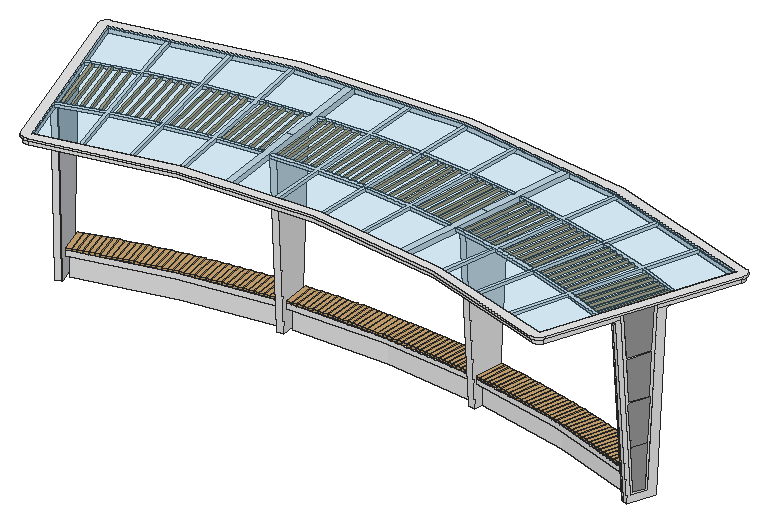
Revit family "L-FUR_퍼걸러_DWP-2007_데오스웍스", category 일반 모델, Revit 2019
Family settings
  보강 철근 호스트 가능 = 아니오
  원형 커넥터 치수 = 지름 사용
  부품 유형 = 보통
  작업 기준면 기반 = 아니오
  항상 수직 = 예
  로드될 때 보이드를 사용하여 절단 = 아니오
  공유 = 아니오
  룸 계산 점 = 아니오
Parameters
  한국산업규격KS = ""
  조달청표준공사코드-세부공종 = "24076852"
  건설정보분류체계-부위분류 = "E94135"
  LIM_INFO_주의사항 = "재배포, 재가공, 판매 금지"
  LIM_INFO_제품업체 = "데오스웍스"
  LIM_INFO_제품번호 = "DWP-2007"
  LIM_INFO_제품명 = "퍼걸러_DWP-2007"
  LIM_INFO_제작일 = "2021.12."
  LIM_INFO_재료 = "Hardwood, Stl pipe"
  LIM_INFO_업체정보 = ""
  LIM_INFO_업체URL = "https://www.deosworks.com"
  LIM_INFO_업체TEL = "02-862-3444"
  LIM_INFO_업체EMAIL = "info@deosworks.com"
  LIM_INFO_버전 = "2022_V01"
  LIM_INFO_기타정보 = ""
  LIM_INFO_규격 = "W1000 x D3000 x H2600"
  LIM_INFO_가격 = 0
  LIM_INFO_PV_포장재여부 = yes
  LIM_INFO_PV_면적 = 0.00 m²
  KBIMS_식별-버전 = ""
  KBIMS_식별-bSK등록번호 = ""
  KBIMS_보급정보-저작자 = "림인포테크_MMJ"
  KBIMS_보급정보-보급코드 = ""
Reference planes
  plane 1 "중심(앞/뒤)": y = 0
  plane 2: z = 0
  plane 3 "중심(왼쪽/오른쪽)": x = 0
Dimensions and locks
  aligned and locked: level to plane 2
Nested families
  nested 1: "DWP-2007_base" at (0, 0, 0), type "DWP-2007_base"
Definition of nested family "DWP-2007_base"
  Reference planes
    plane 1 "중심(앞/뒤)": y = 0
    plane 2: z = 0
    plane 3 "중심(왼쪽/오른쪽)": x = 0
  Forms (mm)
    Extrusion 1, solid, detail levels fine
      sketch origin (-7382.77, -3230.965, 0) x (1, 0, 0) y (0, 1, 0)
        loop
          arc (7483.43, 3212.45) -> (11265.42, 3853.926) -> (15047.411, 3212.45) r 11469.597
          arc (15047.411, 3212.45) -> (15146.497, 3217.964) -> (15212.821, 3291.785) r 130
          line (15212.821, 3291.785) -> (16127.458, 5874.642)
          arc (16127.458, 5874.642) -> (16122.153, 5974.207) -> (16047.882, 6040.73) r 130
          arc (16047.882, 6040.73) -> (11265.42, 6853.926) -> (6482.958, 6040.73) r 14469.597
          arc (6482.958, 6040.73) -> (6408.687, 5974.207) -> (6403.382, 5874.642) r 130
          line (6403.382, 5874.642) -> (7318.02, 3291.785)
          arc (7318.02, 3291.785) -> (7384.344, 3217.964) -> (7483.43, 3212.45) r 130
        loop
          arc (16004.915, 5918.037) -> (11265.42, 6723.926) -> (6525.926, 5918.037) r 14339.597
          line (6525.926, 5918.037) -> (7440.563, 3335.179)
          arc (7440.563, 3335.179) -> (11265.42, 3983.926) -> (15090.277, 3335.179) r 11599.597
          line (15090.277, 3335.179) -> (16004.915, 5918.037)
      from 2570 to 2600
    Extrusion 2, solid, detail levels fine
      sketch origin (-7382.77, -3230.965, 0) x (1, 0, 0) y (0, 1, 0)
        loop
          arc (16037.967, 6012.416) -> (11265.42, 6823.926) -> (6492.874, 6012.416) r 14439.597
          arc (6492.874, 6012.416) -> (6435.742, 5961.245) -> (6431.662, 5884.656) r 100
          line (6431.662, 5884.656) -> (7346.299, 3301.799)
          arc (7346.299, 3301.799) -> (7397.318, 3245.014) -> (7473.538, 3240.772) r 100
          arc (7473.538, 3240.772) -> (11265.42, 3883.926) -> (15057.303, 3240.772) r 11499.597
          arc (15057.303, 3240.772) -> (15133.523, 3245.014) -> (15184.542, 3301.799) r 100
          line (15184.542, 3301.799) -> (16099.179, 5884.656)
          arc (16099.179, 5884.656) -> (16095.098, 5961.245) -> (16037.967, 6012.416) r 100
        loop
          line (6525.926, 5918.037) -> (7440.563, 3335.179)
          arc (7440.563, 3335.179) -> (11265.42, 3983.926) -> (15090.277, 3335.179) r 11599.597
          line (15090.277, 3335.179) -> (16004.915, 5918.037)
          arc (16004.915, 5918.037) -> (11265.42, 6723.926) -> (6525.926, 5918.037) r 14339.597
      from 2500 to 2570
    Extrusion 3, solid, detail levels fine
      sketch origin (3343.38, -16208.526, -3483.23) x (0.112001, 0.993708, 0) y (0, 0, -1)
        loop
          arc (17983.432, -5936.168) -> (17967.819, -5969.609) -> (17933.518, -5983.23) r 50
          line (17933.518, -5983.23) -> (16933.623, -5983.23) -> (16933.623, -6053.23) -> (18350.351, -6053.23) -> (19797.829, -6053.23) -> (19797.829, -5983.23) -> (18722.14, -5983.23)
          arc (18722.14, -5983.23) -> (18687.84, -5969.609) -> (18672.227, -5936.168) r 50
          line (18672.227, -5936.168) -> (18527.823, -3483.23) -> (18127.836, -3483.23) -> (17983.432, -5936.168)
      from 2.137 to 102.128
    Extrusion 4, solid, detail levels fine
      sketch origin (14374.392, 18614.026, -3483.23) x (-0.334043, -0.942558, 0) y (0, 0, 1)
        loop
          line (18722.14, 5983.23) -> (18604.876, 5983.23) -> (18463.589, 3583.23) -> (18252.174, 3583.23) -> (18110.886, 5983.23) -> (17933.518, 5983.23)
          arc (17933.518, 5983.23) -> (17967.819, 5969.609) -> (17983.432, 5936.168) r 50
          line (17983.432, 5936.168) -> (18127.836, 3483.23) -> (18527.823, 3483.23) -> (18672.227, 5936.168)
          arc (18672.227, 5936.168) -> (18687.84, 5969.609) -> (18722.14, 5983.23) r 50
      from 0 to 90
    Extrusion 5, solid, detail levels fine
      sketch origin (14374.392, 18614.026, -3483.23) x (-0.334043, -0.942558, 0) y (0, 0, 1)
        loop
          line (17983.432, 5936.168) -> (18127.836, 3483.23) -> (18527.823, 3483.23) -> (18672.227, 5936.168)
          arc (18672.227, 5936.168) -> (18687.84, 5969.609) -> (18722.14, 5983.23) r 50
          line (18722.14, 5983.23) -> (19673.592, 5983.23) -> (19673.592, 6053.23) -> (18350.351, 6053.23) -> (16933.572, 6053.23) -> (16933.572, 5983.23) -> (17933.518, 5983.23)
          arc (17933.518, 5983.23) -> (17967.819, 5969.609) -> (17983.432, 5936.168) r 50
      from 90 to 100
    Extrusion 6, solid, detail levels fine
      sketch origin (14374.392, 18614.026, -3483.23) x (-0.334043, -0.942558, 0) y (0, 0, 1)
        loop
          line (18252.174, 3583.23) -> (18463.589, 3583.23) -> (18608.997, 6053.23) -> (18578.945, 6053.23) -> (18543.034, 5443.23) -> (18172.728, 5443.23) -> (18136.818, 6053.23) -> (18106.766, 6053.23) -> (18252.174, 3583.23)
        loop
          line (18280.46, 3613.23) -> (18435.303, 3613.23) -> (18470.625, 4213.23) -> (18245.138, 4213.23) -> (18280.46, 3613.23)
        loop
          line (18542.446, 5433.23) -> (18173.317, 5433.23) -> (18208.639, 4833.23) -> (18507.124, 4833.23) -> (18542.446, 5433.23)
        loop
          line (18506.535, 4823.23) -> (18209.227, 4823.23) -> (18244.549, 4223.23) -> (18471.213, 4223.23) -> (18506.535, 4823.23)
      from 90 to 0
    Extrusion 7, solid, detail levels fine
      sketch origin (14374.392, 18614.026, -3483.23) x (-0.334043, -0.942558, 0) y (0, 0, 1)
        loop
          line (18506.535, 4823.23) -> (18209.227, 4823.23) -> (18244.549, 4223.23) -> (18471.213, 4223.23) -> (18506.535, 4823.23)
        loop
          line (18470.625, 4213.23) -> (18245.138, 4213.23) -> (18280.46, 3613.23) -> (18435.303, 3613.23) -> (18470.625, 4213.23)
      from 90 to 0
    Extrusion 8, solid, detail levels fine
      sketch origin (14374.392, 18614.026, -3483.23) x (-0.334043, -0.942558, 0) y (0, 0, 1)
        loop
          line (18578.945, 6053.23) -> (18136.818, 6053.23) -> (18172.728, 5443.23) -> (18543.034, 5443.23) -> (18578.945, 6053.23)
        loop
          line (18542.446, 5433.23) -> (18173.317, 5433.23) -> (18208.639, 4833.23) -> (18507.124, 4833.23) -> (18542.446, 5433.23)
      from 90 to 0
    Extrusion 9, solid, detail levels fine
      sketch origin (4415.46, -16208.526, -3483.23) x (-0.112001, 0.993708, 0) y (0, 0, 1)
        loop
          line (17983.432, 5936.168) -> (18127.836, 3483.23) -> (18527.823, 3483.23) -> (18672.227, 5936.168)
          arc (18672.227, 5936.168) -> (18687.84, 5969.609) -> (18722.14, 5983.23) r 50
          line (18722.14, 5983.23) -> (19797.829, 5983.23) -> (19797.829, 6053.23) -> (18350.351, 6053.23) -> (16918.065, 6053.23) -> (16918.065, 5983.23) -> (17933.518, 5983.23)
          arc (17933.518, 5983.23) -> (17967.819, 5969.609) -> (17983.432, 5936.168) r 50
      from 2.137 to 102.128
    Extrusion 10, solid, detail levels fine
      sketch origin (-6612.35, 18615.161, -3483.23) x (0.334043, -0.942558, 0) y (0, 0, -1)
        loop
          arc (18722.14, -5983.23) -> (18687.84, -5969.609) -> (18672.227, -5936.168) r 50
          line (18672.227, -5936.168) -> (18527.823, -3483.23) -> (18127.836, -3483.23) -> (17983.432, -5936.168)
          arc (17983.432, -5936.168) -> (17967.819, -5969.609) -> (17933.518, -5983.23) r 50
          line (17933.518, -5983.23) -> (18110.886, -5983.23) -> (18252.174, -3583.23) -> (18463.589, -3583.23) -> (18604.876, -5983.23) -> (18722.14, -5983.23)
      from 0 to 90
    Extrusion 11, solid, detail levels fine
      sketch origin (-6612.35, 18615.161, -3483.23) x (0.334043, -0.942558, 0) y (0, 0, -1)
        loop
          arc (17983.432, -5936.168) -> (17967.819, -5969.609) -> (17933.518, -5983.23) r 50
          line (17933.518, -5983.23) -> (16934.65, -5983.23) -> (16934.65, -6053.23) -> (18350.351, -6053.23) -> (19674.67, -6053.23) -> (19674.67, -5983.23) -> (18722.14, -5983.23)
          arc (18722.14, -5983.23) -> (18687.84, -5969.609) -> (18672.227, -5936.168) r 50
          line (18672.227, -5936.168) -> (18527.823, -3483.23) -> (18127.836, -3483.23) -> (17983.432, -5936.168)
      from 90 to 100
    Extrusion 12, solid, detail levels fine
      sketch origin (-6615.552, 18614.026, -3483.23) x (0.334043, -0.942558, 0) y (0, 0, -1)
        loop
          line (18252.174, -3583.23) -> (18106.766, -6053.23) -> (18136.818, -6053.23) -> (18172.728, -5443.23) -> (18543.034, -5443.23) -> (18578.945, -6053.23) -> (18608.997, -6053.23) -> (18463.589, -3583.23) -> (18252.174, -3583.23)
        loop
          line (18280.46, -3613.23) -> (18245.138, -4213.23) -> (18470.625, -4213.23) -> (18435.303, -3613.23) -> (18280.46, -3613.23)
        loop
          line (18542.446, -5433.23) -> (18507.124, -4833.23) -> (18208.639, -4833.23) -> (18173.317, -5433.23) -> (18542.446, -5433.23)
        loop
          line (18506.535, -4823.23) -> (18471.213, -4223.23) -> (18244.549, -4223.23) -> (18209.227, -4823.23) -> (18506.535, -4823.23)
      from 90 to 0
    Extrusion 13, solid, detail levels fine
      sketch origin (-6615.552, 18614.026, -3483.23) x (0.334043, -0.942558, 0) y (0, 0, -1)
        loop
          line (18506.535, -4823.23) -> (18471.213, -4223.23) -> (18244.549, -4223.23) -> (18209.227, -4823.23) -> (18506.535, -4823.23)
        loop
          line (18470.625, -4213.23) -> (18435.303, -3613.23) -> (18280.46, -3613.23) -> (18245.138, -4213.23) -> (18470.625, -4213.23)
      from 90 to 0
    Extrusion 14, solid, detail levels fine
      sketch origin (-6615.552, 18614.026, -3483.23) x (0.334043, -0.942558, 0) y (0, 0, -1)
        loop
          line (18578.945, -6053.23) -> (18543.034, -5443.23) -> (18172.728, -5443.23) -> (18136.818, -6053.23) -> (18578.945, -6053.23)
        loop
          line (18542.446, -5433.23) -> (18507.124, -4833.23) -> (18208.639, -4833.23) -> (18173.317, -5433.23) -> (18542.446, -5433.23)
      from 90 to 0
    Extrusion 15, solid, detail levels fine
      sketch origin (-7382.77, -3230.965, 0) x (1, 0, 0) y (0, 1, 0)
        loop
          line (8685.101, 3693.29) -> (8068.751, 6362.996) -> (8020.033, 6351.748) -> (8636.383, 3682.043) -> (8685.101, 3693.29)
        loop
          line (11245.198, 3983.806) -> (11295.198, 3983.806) -> (11295.198, 6723.736) -> (11245.198, 6723.736) -> (11245.198, 3983.806)
        loop
          line (13894.458, 3682.043) -> (14510.808, 6351.748) -> (14462.089, 6362.996) -> (13845.74, 3693.29) -> (13894.458, 3682.043)
      from 2530 to 2570
    Extrusion 16, solid, detail levels fine
      sketch origin (-7382.77, -3230.965, 0) x (1, 0, 0) y (0, 1, 0)
        loop
          arc (7765.9, 4351.797) -> (7456.056, 4259.725) -> (7150.447, 4154.442) r 7531.302
          line (7150.447, 4154.442) -> (7167.706, 4105.705)
          arc (7167.706, 4105.705) -> (7471.946, 4210.529) -> (7780.413, 4302.169) r 7479.604
          line (7780.413, 4302.169) -> (8009.841, 3517.583) -> (8057.831, 3531.617) -> (7828.057, 4317.385)
          arc (7828.057, 4317.385) -> (8139.847, 4402.819) -> (8453.755, 4480.107) r 12418.265
          line (8453.755, 4480.107) -> (8442.173, 4529.932)
          arc (8442.173, 4529.932) -> (8126.872, 4452.3) -> (7813.7, 4366.483) r 12469.418
          line (7813.7, 4366.483) -> (7532.982, 5326.468)
          arc (7532.982, 5326.468) -> (7873.223, 5419.783) -> (8215.792, 5504.154) r 13469.597
          line (8215.792, 5504.154) -> (8204.472, 5552.856)
          arc (8204.472, 5552.856) -> (7860.541, 5468.148) -> (7518.948, 5374.458) r 13519.597
          line (7518.948, 5374.458) -> (7288.801, 6161.504) -> (7240.811, 6147.47) -> (7470.932, 5360.514)
          arc (7470.932, 5360.514) -> (7133.077, 5259.686) -> (6799.649, 5145.066) r 8582.127
          line (6799.649, 5145.066) -> (6816.34, 5097.933)
          arc (6816.34, 5097.933) -> (7148.392, 5212.272) -> (7484.965, 5312.523) r 8336.048
          line (7484.965, 5312.523) -> (7765.9, 4351.797)
        loop
          line (9320.419, 3819.696) -> (9179.667, 4626.181)
          arc (9179.667, 4626.181) -> (9494.328, 4675.649) -> (9810.154, 4717.03) r 12418.265
          line (9810.154, 4717.03) -> (9804.62, 4763.928)
          arc (9804.62, 4763.928) -> (9487.499, 4722.377) -> (9171.548, 4672.702) r 12465.489
          line (9171.548, 4672.702) -> (8998.914, 5661.866)
          arc (8998.914, 5661.866) -> (9343.097, 5716.048) -> (9688.567, 5761.309) r 13469.597
          line (9688.567, 5761.309) -> (9682.714, 5810.965)
          arc (9682.714, 5810.965) -> (9335.87, 5765.523) -> (8990.318, 5711.122) r 13519.597
          line (8990.318, 5711.122) -> (8849.337, 6518.917) -> (8800.082, 6510.321) -> (8941.046, 5702.617)
          arc (8941.046, 5702.617) -> (8595.89, 5639.463) -> (8253.194, 5564.086) r 9875.451
          line (8253.194, 5564.086) -> (8264.334, 5515.343)
          arc (8264.334, 5515.343) -> (8606.093, 5588.799) -> (8949.643, 5653.361) r 13469.597
          line (8949.643, 5653.361) -> (9121.865, 4666.553)
          arc (9121.865, 4666.553) -> (8804.658, 4608.721) -> (8489.776, 4539.339) r 8823.781
          line (8489.776, 4539.339) -> (8501.728, 4487.57)
          arc (8501.728, 4487.57) -> (8815.205, 4556.65) -> (9131, 4614.212) r 8770.652
          line (9131, 4614.212) -> (9271.163, 3811.1) -> (9320.419, 3819.696)
        loop
          arc (10487.191, 5881.427) -> (10135.533, 5856.616) -> (9784.648, 5822.589) r 13439.092
          line (9784.648, 5822.589) -> (9790.15, 5772.894)
          arc (9790.15, 5772.894) -> (10139.718, 5806.877) -> (10490.069, 5831.51) r 13147.761
          line (10490.069, 5831.51) -> (10547.864, 4829.149)
          arc (10547.864, 4829.149) -> (10225.571, 4806.371) -> (9903.977, 4775.249) r 12465.489
          line (9903.977, 4775.249) -> (9909.135, 4728.307)
          arc (9909.135, 4728.307) -> (10229.511, 4759.312) -> (10550.582, 4782.003) r 12418.265
          line (10550.582, 4782.003) -> (10597.718, 3964.503) -> (10647.635, 3967.382) -> (10600.704, 4781.333)
          arc (10600.704, 4781.333) -> (10922.789, 4796.079) -> (11245.198, 4798.976) r 8770.652
          line (11245.198, 4798.976) -> (11245.198, 4852.107)
          arc (11245.198, 4852.107) -> (10921.259, 4849.186) -> (10597.646, 4834.375) r 8823.781
          line (10597.646, 4834.375) -> (10539.992, 5834.296)
          arc (10539.992, 5834.296) -> (10892.55, 5848.107) -> (11245.332, 5853.83) r 15385.412
          line (11245.332, 5853.83) -> (11245.222, 5903.497)
          arc (11245.222, 5903.497) -> (10891.041, 5898.517) -> (10537.113, 5884.213) r 13451.083
          line (10537.113, 5884.213) -> (10489.911, 6702.859) -> (10439.994, 6699.981) -> (10487.191, 5881.427)
        loop
          line (11942.667, 3964.057) -> (11986.881, 4780.398)
          arc (11986.881, 4780.398) -> (12303.595, 4760.582) -> (12619.184, 4727.351) r 7479.604
          line (12619.184, 4727.351) -> (12624.691, 4778.764)
          arc (12624.691, 4778.764) -> (12307.748, 4812.114) -> (11989.677, 4832.025) r 7531.302
          line (11989.677, 4832.025) -> (12043.801, 5831.335)
          arc (12043.801, 5831.335) -> (12392.61, 5808.821) -> (12740.29, 5772.852) r 9049.224
          line (12740.29, 5772.852) -> (12745.617, 5822.578)
          arc (12745.617, 5822.578) -> (12396.63, 5858.703) -> (12046.505, 5881.263) r 9042.027
          line (12046.505, 5881.263) -> (12090.852, 6700.068) -> (12040.925, 6702.772) -> (11996.583, 5884.059)
          arc (11996.583, 5884.059) -> (11646.002, 5897.383) -> (11295.221, 5903.448) r 16949.201
          line (11295.221, 5903.448) -> (11295.147, 5853.986)
          arc (11295.147, 5853.986) -> (11644.681, 5849.968) -> (11993.879, 5834.132) r 10335.22
          line (11993.879, 5834.132) -> (11939.792, 4835.498)
          arc (11939.792, 4835.498) -> (11617.632, 4848.772) -> (11295.237, 4853.712) r 12469.418
          line (11295.237, 4853.712) -> (11295.16, 4802.558)
          arc (11295.16, 4802.558) -> (11616.21, 4797.638) -> (11937.025, 4784.42) r 12418.265
          line (11937.025, 4784.42) -> (11892.74, 3966.761) -> (11942.667, 3964.057)
        loop
          line (13589.795, 5702.617) -> (13730.759, 6510.321) -> (13681.504, 6518.917) -> (13540.523, 5711.122)
          arc (13540.523, 5711.122) -> (13192.058, 5767.76) -> (12841.585, 5810.236) r 8714.265
          line (12841.585, 5810.236) -> (12836.629, 5760.498)
          arc (12836.629, 5760.498) -> (13185.304, 5718.414) -> (13531.927, 5661.866) r 8443.273
          line (13531.927, 5661.866) -> (13359.853, 4675.913)
          arc (13359.853, 4675.913) -> (13042.924, 4728.427) -> (12724.044, 4767.378) r 7531.302
          line (12724.044, 4767.378) -> (12718.253, 4716.002)
          arc (12718.253, 4716.002) -> (13035.581, 4677.253) -> (13350.964, 4624.98) r 7479.604
          line (13350.964, 4624.98) -> (13210.422, 3819.696) -> (13259.678, 3811.1) -> (13400.447, 4617.684)
          arc (13400.447, 4617.684) -> (13716.011, 4558.396) -> (14029.937, 4490.97) r 12418.265
          line (14029.937, 4490.97) -> (14041.369, 4540.83)
          arc (14041.369, 4540.83) -> (13726.128, 4608.539) -> (13409.241, 4668.076) r 12469.418
          line (13409.241, 4668.076) -> (13581.198, 5653.361)
          arc (13581.198, 5653.361) -> (13925.068, 5590.536) -> (14266.449, 5515.356) r 9695.997
          line (14266.449, 5515.356) -> (14277.624, 5564.092)
          arc (14277.624, 5564.092) -> (13934.608, 5637.817) -> (13589.795, 5702.617) r 13519.597
        loop
          line (15059.909, 5360.514) -> (15290.03, 6147.47) -> (15242.04, 6161.504) -> (15011.893, 5374.458)
          arc (15011.893, 5374.458) -> (14670.851, 5470.315) -> (14326.346, 5552.861) r 9124.783
          line (14326.346, 5552.861) -> (14314.868, 5503.639)
          arc (14314.868, 5503.639) -> (14658.151, 5421.943) -> (14997.859, 5326.468) r 8747.249
          line (14997.859, 5326.468) -> (14716.727, 4365.066)
          arc (14716.727, 4365.066) -> (14404.742, 4452.293) -> (14089.765, 4528.01) r 8823.781
          line (14089.765, 4528.01) -> (14077.813, 4476.24)
          arc (14077.813, 4476.24) -> (14391.304, 4400.891) -> (14701.815, 4314.072) r 8770.652
          line (14701.815, 4314.072) -> (14473.01, 3531.617) -> (14521, 3517.583) -> (14750.803, 4303.449)
          arc (14750.803, 4303.449) -> (15058.953, 4208.982) -> (15364.548, 4106.55) r 12418.265
          line (15364.548, 4106.55) -> (15380.323, 4151.062)
          arc (15380.323, 4151.062) -> (15073.473, 4253.919) -> (14764.057, 4348.775) r 12465.489
          line (14764.057, 4348.775) -> (15045.876, 5312.523)
          arc (15045.876, 5312.523) -> (15382.774, 5211.134) -> (15715.741, 5097.499) r 9623.855
          line (15715.741, 5097.499) -> (15732.443, 5144.627)
          arc (15732.443, 5144.627) -> (15398.058, 5258.434) -> (15059.909, 5360.514) r 10130.138
      from 2530 to 2570
    Extrusion 17, solid, detail levels fine
      sketch origin (-7382.77, -3230.965, 0) x (1, 0, 0) y (0, 1, 0)
        loop
          line (7242.231, 4186.694) -> (6934.875, 5138.288) -> (6906.327, 5129.068) -> (7213.683, 4177.473) -> (7242.231, 4186.694)
        loop
          line (7355.928, 4225.017) -> (7048.572, 5176.611) -> (7020.025, 5167.391) -> (7327.38, 4215.796) -> (7355.928, 4225.017)
        loop
          line (7469.983, 4262.311) -> (7162.628, 5213.906) -> (7134.08, 5204.685) -> (7441.436, 4253.091) -> (7469.983, 4262.311)
        loop
          line (7276.949, 5250.375) -> (7248.401, 5241.154) -> (7555.757, 4289.56) -> (7584.305, 4298.78) -> (7276.949, 5250.375)
        loop
          line (7670.391, 4324.985) -> (7698.939, 4334.206) -> (7391.583, 5285.8) -> (7363.035, 5276.58) -> (7670.391, 4324.985)
        loop
          line (7907.341, 4392.874) -> (7653.585, 5360.143) -> (7624.567, 5352.53) -> (7878.323, 4385.262) -> (7907.341, 4392.874)
        loop
          line (8023.001, 4424.791) -> (7769.244, 5392.059) -> (7740.226, 5384.447) -> (7993.983, 4417.178) -> (8023.001, 4424.791)
        loop
          line (7856.185, 5415.316) -> (8109.942, 4448.048) -> (8138.96, 4455.661) -> (7885.204, 5422.929) -> (7856.185, 5415.316)
        loop
          line (8226.121, 4478.078) -> (8255.139, 4485.691) -> (8001.383, 5452.959) -> (7972.365, 5445.347) -> (8226.121, 4478.078)
        loop
          line (8342.554, 4507.05) -> (8371.572, 4514.662) -> (8117.815, 5481.93) -> (8088.797, 5474.318) -> (8342.554, 4507.05)
        loop
          line (8578.225, 4561.459) -> (8382.277, 5542.073) -> (8352.859, 5536.195) -> (8548.806, 4555.58) -> (8578.225, 4561.459)
        loop
          line (8695.573, 4586.46) -> (8499.626, 5567.074) -> (8470.208, 5561.196) -> (8666.155, 4580.582) -> (8695.573, 4586.46)
        loop
          line (8783.741, 4604.52) -> (8813.159, 4610.398) -> (8617.212, 5591.013) -> (8587.793, 5585.134) -> (8783.741, 4604.52)
        loop
          line (8901.496, 4627.608) -> (8930.915, 4633.486) -> (8734.967, 5614.101) -> (8705.549, 5608.222) -> (8901.496, 4627.608)
        loop
          line (9019.442, 4649.623) -> (9048.86, 4655.502) -> (8852.913, 5636.116) -> (8823.494, 5630.237) -> (9019.442, 4649.623)
        loop
          line (9262.172, 4692.477) -> (9121.27, 5682.5) -> (9091.57, 5678.273) -> (9232.472, 4688.25) -> (9262.172, 4692.477)
        loop
          line (9380.734, 4710.889) -> (9239.832, 5700.912) -> (9210.131, 5696.685) -> (9351.033, 4706.662) -> (9380.734, 4710.889)
        loop
          line (9469.772, 4723.999) -> (9499.473, 4728.226) -> (9358.57, 5718.249) -> (9328.87, 5714.022) -> (9469.772, 4723.999)
        loop
          line (9477.431, 5734.728) -> (9447.731, 5730.501) -> (9588.633, 4740.477) -> (9618.333, 4744.704) -> (9477.431, 5734.728)
        loop
          line (9707.623, 4755.874) -> (9737.324, 4760.101) -> (9596.422, 5750.125) -> (9566.721, 5745.898) -> (9707.623, 4755.874)
        loop
          line (10000.299, 4789.139) -> (9914.883, 5785.484) -> (9884.993, 5782.922) -> (9970.409, 4786.576) -> (10000.299, 4789.139)
        loop
          line (10119.704, 4800.904) -> (10034.287, 5797.249) -> (10004.397, 5794.686) -> (10089.813, 4798.341) -> (10119.704, 4800.904)
        loop
          line (10239.225, 4811.585) -> (10153.809, 5807.931) -> (10123.918, 5805.368) -> (10209.335, 4809.023) -> (10239.225, 4811.585)
        loop
          line (10328.93, 4818.84) -> (10358.82, 4821.403) -> (10273.404, 5817.748) -> (10243.514, 5815.186) -> (10328.93, 4818.84)
        loop
          line (10448.594, 4827.571) -> (10478.485, 4830.133) -> (10393.069, 5826.479) -> (10363.178, 5823.916) -> (10448.594, 4827.571)
        loop
          line (10635.092, 5839.088) -> (10664.757, 4839.528) -> (10694.744, 4840.418) -> (10665.079, 5839.978) -> (10635.092, 5839.088)
        loop
          line (10754.967, 5844.169) -> (10784.632, 4844.609) -> (10814.619, 4845.499) -> (10784.954, 5845.059) -> (10754.967, 5844.169)
        loop
          line (10874.898, 5848.162) -> (10904.563, 4848.602) -> (10934.55, 4849.492) -> (10904.885, 5849.052) -> (10874.898, 5848.162)
        loop
          line (11024.52, 4851.728) -> (11054.507, 4852.618) -> (11024.842, 5852.178) -> (10994.855, 5851.288) -> (11024.52, 4851.728)
        loop
          line (11144.485, 4853.765) -> (11174.472, 4854.655) -> (11144.807, 5854.215) -> (11114.82, 5853.325) -> (11144.485, 4853.765)
        loop
          line (15288.165, 4186.694) -> (15316.713, 4177.473) -> (15624.068, 5129.068) -> (15595.521, 5138.288) -> (15288.165, 4186.694)
        loop
          line (15174.467, 4225.017) -> (15203.015, 4215.796) -> (15510.371, 5167.391) -> (15481.823, 5176.611) -> (15174.467, 4225.017)
        loop
          line (15060.412, 4262.311) -> (15088.96, 4253.091) -> (15396.316, 5204.685) -> (15367.768, 5213.906) -> (15060.412, 4262.311)
        loop
          line (15253.446, 5250.375) -> (14946.09, 4298.78) -> (14974.638, 4289.56) -> (15281.994, 5241.154) -> (15253.446, 5250.375)
        loop
          line (14860.005, 4324.985) -> (15167.361, 5276.58) -> (15138.813, 5285.8) -> (14831.457, 4334.206) -> (14860.005, 4324.985)
        loop
          line (14623.054, 4392.874) -> (14652.072, 4385.262) -> (14905.829, 5352.53) -> (14876.811, 5360.143) -> (14623.054, 4392.874)
        loop
          line (14507.395, 4424.791) -> (14536.413, 4417.178) -> (14790.169, 5384.447) -> (14761.151, 5392.059) -> (14507.395, 4424.791)
        loop
          line (14674.21, 5415.316) -> (14645.192, 5422.929) -> (14391.435, 4455.661) -> (14420.453, 4448.048) -> (14674.21, 5415.316)
        loop
          line (14304.274, 4478.078) -> (14558.031, 5445.347) -> (14529.013, 5452.959) -> (14275.256, 4485.691) -> (14304.274, 4478.078)
        loop
          line (14187.842, 4507.05) -> (14441.598, 5474.318) -> (14412.58, 5481.93) -> (14158.824, 4514.662) -> (14187.842, 4507.05)
        loop
          line (13952.171, 4561.459) -> (13981.589, 4555.58) -> (14177.537, 5536.195) -> (14148.118, 5542.073) -> (13952.171, 4561.459)
        loop
          line (13834.822, 4586.46) -> (13864.24, 4580.582) -> (14060.188, 5561.196) -> (14030.77, 5567.074) -> (13834.822, 4586.46)
        loop
          line (13746.655, 4604.52) -> (13942.602, 5585.134) -> (13913.184, 5591.013) -> (13717.236, 4610.398) -> (13746.655, 4604.52)
        loop
          line (13628.899, 4627.608) -> (13824.847, 5608.222) -> (13795.428, 5614.101) -> (13599.481, 4633.486) -> (13628.899, 4627.608)
        loop
          line (13510.954, 4649.623) -> (13706.901, 5630.237) -> (13677.483, 5636.116) -> (13481.535, 4655.502) -> (13510.954, 4649.623)
        loop
          line (13268.223, 4692.477) -> (13297.924, 4688.25) -> (13438.826, 5678.273) -> (13409.125, 5682.5) -> (13268.223, 4692.477)
        loop
          line (13149.662, 4710.889) -> (13179.362, 4706.662) -> (13320.264, 5696.685) -> (13290.564, 5700.912) -> (13149.662, 4710.889)
        loop
          line (13060.624, 4723.999) -> (13201.526, 5714.022) -> (13171.825, 5718.249) -> (13030.923, 4728.226) -> (13060.624, 4723.999)
        loop
          line (13052.964, 5734.728) -> (12912.062, 4744.704) -> (12941.763, 4740.477) -> (13082.665, 5730.501) -> (13052.964, 5734.728)
        loop
          line (12822.772, 4755.874) -> (12963.674, 5745.898) -> (12933.974, 5750.125) -> (12793.072, 4760.101) -> (12822.772, 4755.874)
        loop
          line (12530.096, 4789.139) -> (12559.987, 4786.576) -> (12645.403, 5782.922) -> (12615.512, 5785.484) -> (12530.096, 4789.139)
        loop
          line (12410.692, 4800.904) -> (12440.582, 4798.341) -> (12525.998, 5794.686) -> (12496.108, 5797.249) -> (12410.692, 4800.904)
        loop
          line (12291.171, 4811.585) -> (12321.061, 4809.023) -> (12406.477, 5805.368) -> (12376.587, 5807.931) -> (12291.171, 4811.585)
        loop
          line (12201.465, 4818.84) -> (12286.882, 5815.186) -> (12256.991, 5817.748) -> (12171.575, 4821.403) -> (12201.465, 4818.84)
        loop
          line (12081.801, 4827.571) -> (12167.217, 5823.916) -> (12137.327, 5826.479) -> (12051.911, 4830.133) -> (12081.801, 4827.571)
        loop
          line (11895.303, 5839.088) -> (11865.316, 5839.978) -> (11835.652, 4840.418) -> (11865.638, 4839.528) -> (11895.303, 5839.088)
        loop
          line (11775.428, 5844.169) -> (11745.442, 5845.059) -> (11715.777, 4845.499) -> (11745.764, 4844.609) -> (11775.428, 5844.169)
        loop
          line (11655.497, 5848.162) -> (11625.51, 5849.052) -> (11595.846, 4849.492) -> (11625.832, 4848.602) -> (11655.497, 5848.162)
        loop
          line (11505.875, 4851.728) -> (11535.54, 5851.288) -> (11505.553, 5852.178) -> (11475.889, 4852.618) -> (11505.875, 4851.728)
        loop
          line (11385.91, 4853.765) -> (11415.575, 5853.325) -> (11385.588, 5854.215) -> (11355.923, 4854.655) -> (11385.91, 4853.765)
      from 2530 to 2570
    Extrusion 18, solid, detail levels fine
      sketch origin (-7382.77, -3230.965, 0) x (1, 0, 0) y (0, 1, 0)
        loop
          line (6525.926, 5918.037) -> (7440.563, 3335.179)
          arc (7440.563, 3335.179) -> (11265.42, 3983.926) -> (15090.277, 3335.179) r 11599.597
          line (15090.277, 3335.179) -> (16004.915, 5918.037)
          arc (16004.915, 5918.037) -> (11265.42, 6723.926) -> (6525.926, 5918.037) r 14339.597
      from 2600 to 2570
    Extrusion 19, solid, detail levels fine
      sketch origin (-5766.97, -11301.283, 0) x (1, 0, 0) y (0, 1, 0)
        loop
          arc (5475.27, 12496.664) -> (5507.273, 12507.726) -> (5539.304, 12518.703) r 12790
          line (5539.304, 12518.703) -> (5405.301, 12916.756)
          arc (5405.301, 12916.756) -> (5371.401, 12905.142) -> (5337.533, 12893.436) r 13210
          line (5337.533, 12893.436) -> (5475.27, 12496.664)
        loop
          arc (5544.036, 12520.317) -> (5575.67, 12531.051) -> (5607.331, 12541.703) r 12790
          line (5607.331, 12541.703) -> (5475.565, 12940.501)
          arc (5475.565, 12940.501) -> (5442.785, 12929.478) -> (5410.034, 12918.369) r 13210
          line (5410.034, 12918.369) -> (5544.036, 12520.317)
        loop
          arc (5612.073, 12543.29) -> (5643.766, 12553.846) -> (5675.487, 12564.32) r 12790
          line (5675.487, 12564.32) -> (5545.962, 12963.852)
          arc (5545.962, 12963.852) -> (5513.12, 12953.013) -> (5480.307, 12942.088) r 13210
          line (5480.307, 12942.088) -> (5612.073, 12543.29)
        loop
          arc (5680.237, 12565.88) -> (5711.989, 12576.258) -> (5743.768, 12586.554) r 12790
          line (5743.768, 12586.554) -> (5616.488, 12986.807)
          arc (5616.488, 12986.807) -> (5583.586, 12976.153) -> (5550.712, 12965.412) r 13210
          line (5550.712, 12965.412) -> (5680.237, 12565.88)
        loop
          arc (5748.527, 12588.088) -> (5780.336, 12598.287) -> (5812.173, 12608.404) r 12790
          line (5812.173, 12608.404) -> (5687.142, 13009.366)
          arc (5687.142, 13009.366) -> (5654.181, 12998.896) -> (5621.247, 12988.34) r 13210
          line (5621.247, 12988.34) -> (5748.527, 12588.088)
        loop
          arc (5816.94, 12609.911) -> (5848.807, 12619.932) -> (5880.699, 12629.87) r 12790
          line (5880.699, 12629.87) -> (5757.922, 13031.527)
          arc (5757.922, 13031.527) -> (5724.903, 13021.243) -> (5691.91, 13010.872) r 13210
          line (5691.91, 13010.872) -> (5816.94, 12609.911)
        loop
          arc (5885.475, 12631.35) -> (5917.397, 12641.192) -> (5949.345, 12650.951) r 12790
          line (5949.345, 12650.951) -> (5828.825, 13053.291)
          arc (5828.825, 13053.291) -> (5795.748, 13043.193) -> (5762.698, 13033.007) r 13210
          line (5762.698, 13033.007) -> (5885.475, 12631.35)
        loop
          arc (5954.129, 12652.405) -> (5986.106, 12662.067) -> (6018.109, 12671.646) r 12790
          line (6018.109, 12671.646) -> (5899.849, 13074.657)
          arc (5899.849, 13074.657) -> (5866.716, 13064.744) -> (5833.609, 13054.744) r 13210
          line (5833.609, 13054.744) -> (5954.129, 12652.405)
        loop
          arc (6091.787, 12693.355) -> (6123.871, 12702.658) -> (6155.978, 12711.877) r 12790
          line (6155.978, 12711.877) -> (6042.252, 13116.19)
          arc (6042.252, 13116.19) -> (6009.01, 13106.65) -> (5975.793, 13097.022) r 13210
          line (5975.793, 13097.022) -> (6091.787, 12693.355)
        loop
          arc (5970.992, 13095.623) -> (5937.804, 13085.897) -> (5904.642, 13076.083) r 13210
          line (5904.642, 13076.083) -> (6022.901, 12673.073)
          arc (6022.901, 12673.073) -> (6054.932, 12682.556) -> (6086.987, 12691.955) r 12790
          line (6086.987, 12691.955) -> (5970.992, 13095.623)
        loop
          arc (6113.626, 13136.356) -> (6080.331, 13127.003) -> (6047.06, 13117.562) r 13210
          line (6047.06, 13117.562) -> (6160.786, 12713.249)
          arc (6160.786, 12713.249) -> (6192.922, 12722.372) -> (6225.08, 12731.411) r 12790
          line (6225.08, 12731.411) -> (6113.626, 13136.356)
        loop
          arc (6185.112, 13156.121) -> (6151.765, 13146.955) -> (6118.441, 13137.701) r 13210
          line (6118.441, 13137.701) -> (6229.896, 12732.756)
          arc (6229.896, 12732.756) -> (6262.082, 12741.699) -> (6294.291, 12750.557) r 12790
          line (6294.291, 12750.557) -> (6185.112, 13156.121)
        loop
          arc (6256.708, 13175.485) -> (6223.309, 13166.506) -> (6189.935, 13157.439) r 13210
          line (6189.935, 13157.439) -> (6299.114, 12751.875)
          arc (6299.114, 12751.875) -> (6331.35, 12760.636) -> (6363.608, 12769.313) r 12790
          line (6363.608, 12769.313) -> (6256.708, 13175.485)
        loop
          arc (6328.411, 13194.446) -> (6294.963, 13185.655) -> (6261.538, 13176.776) r 13210
          line (6261.538, 13176.776) -> (6368.439, 12770.605)
          arc (6368.439, 12770.605) -> (6400.723, 12779.185) -> (6433.03, 12787.681) r 12790
          line (6433.03, 12787.681) -> (6328.411, 13194.446)
        loop
          arc (6400.22, 13213.004) -> (6366.723, 13204.401) -> (6333.249, 13195.71) r 13210
          line (6333.249, 13195.71) -> (6437.867, 12788.945)
          arc (6437.867, 12788.945) -> (6470.199, 12797.344) -> (6502.553, 12805.658) r 12790
          line (6502.553, 12805.658) -> (6400.22, 13213.004)
        loop
          arc (6472.132, 13231.159) -> (6438.587, 13222.744) -> (6405.065, 13214.241) r 13210
          line (6405.065, 13214.241) -> (6507.397, 12806.895)
          arc (6507.397, 12806.895) -> (6539.776, 12815.112) -> (6572.176, 12823.245) r 12790
          line (6572.176, 12823.245) -> (6472.132, 13231.159)
        loop
          arc (6544.144, 13248.91) -> (6510.553, 13240.683) -> (6476.983, 13232.368) r 13210
          line (6476.983, 13232.368) -> (6577.028, 12824.455)
          arc (6577.028, 12824.455) -> (6609.452, 12832.49) -> (6641.897, 12840.44) r 12790
          line (6641.897, 12840.44) -> (6544.144, 13248.91)
        loop
          arc (6616.256, 13266.256) -> (6582.619, 13258.218) -> (6549.003, 13250.092) r 13210
          line (6549.003, 13250.092) -> (6646.755, 12841.623)
          arc (6646.755, 12841.623) -> (6679.224, 12849.476) -> (6711.713, 12857.244) r 12790
          line (6711.713, 12857.244) -> (6616.256, 13266.256)
        loop
          arc (6688.463, 13283.197) -> (6654.781, 13275.348) -> (6621.12, 13267.411) r 13210
          line (6621.12, 13267.411) -> (6716.578, 12858.4)
          arc (6716.578, 12858.4) -> (6749.09, 12866.07) -> (6781.623, 12873.656) r 12790
          line (6781.623, 12873.656) -> (6688.463, 13283.197)
        loop
          arc (6786.488, 12874.787) -> (6819.52, 12882.231) -> (6852.571, 12889.587) r 12790
          line (6852.571, 12889.587) -> (6763.548, 13300.047)
          arc (6763.548, 13300.047) -> (6728.569, 13292.266) -> (6693.611, 13284.389) r 13210
          line (6693.611, 13284.389) -> (6786.488, 12874.787)
        loop
          arc (6857.453, 12890.666) -> (6890.082, 12897.825) -> (6922.73, 12904.899) r 12790
          line (6922.73, 12904.899) -> (6836.012, 13315.853)
          arc (6836.012, 13315.853) -> (6802.211, 13308.533) -> (6768.43, 13301.126) r 13210
          line (6768.43, 13301.126) -> (6857.453, 12890.666)
        loop
          arc (6927.618, 12905.95) -> (6960.286, 12912.926) -> (6992.973, 12919.817) r 12790
          line (6992.973, 12919.817) -> (6908.564, 13331.251)
          arc (6908.564, 13331.251) -> (6874.723, 13324.121) -> (6840.901, 13316.904) r 13210
          line (6840.901, 13316.904) -> (6927.618, 12905.95)
        loop
          arc (6997.867, 12920.841) -> (7030.574, 12927.633) -> (7063.299, 12934.34) r 12790
          line (7063.299, 12934.34) -> (6981.202, 13346.241)
          arc (6981.202, 13346.241) -> (6947.321, 13339.302) -> (6913.458, 13332.274) r 13210
          line (6913.458, 13332.274) -> (6997.867, 12920.841)
        loop
          arc (7068.199, 12935.336) -> (7100.944, 12941.945) -> (7133.706, 12948.468) r 12790
          line (7133.706, 12948.468) -> (7053.922, 13360.824)
          arc (7053.922, 13360.824) -> (7020.003, 13354.075) -> (6986.102, 13347.237) r 13210
          line (6986.102, 13347.237) -> (7068.199, 12935.336)
        loop
          arc (7138.611, 12949.437) -> (7171.392, 12955.861) -> (7204.191, 12962.2) r 12790
          line (7204.191, 12962.2) -> (7126.723, 13374.998)
          arc (7126.723, 13374.998) -> (7092.767, 13368.439) -> (7058.828, 13361.792) r 13210
          line (7058.828, 13361.792) -> (7138.611, 12949.437)
        loop
          arc (7209.101, 12963.142) -> (7241.918, 12969.382) -> (7274.751, 12975.537) r 12790
          line (7274.751, 12975.537) -> (7199.603, 13388.762)
          arc (7199.603, 13388.762) -> (7165.61, 13382.395) -> (7131.634, 13375.938) r 13210
          line (7131.634, 13375.938) -> (7209.101, 12963.142)
        loop
          arc (7279.667, 12976.45) -> (7312.519, 12982.507) -> (7345.386, 12988.477) r 12790
          line (7345.386, 12988.477) -> (7272.559, 13402.118)
          arc (7272.559, 13402.118) -> (7238.531, 13395.941) -> (7204.519, 13389.676) r 13210
          line (7204.519, 13389.676) -> (7279.667, 12976.45)
        loop
          arc (7421.018, 13001.879) -> (7453.935, 13007.565) -> (7486.867, 13013.166) r 12790
          line (7486.867, 13013.166) -> (7418.689, 13427.599)
          arc (7418.689, 13427.599) -> (7384.594, 13421.805) -> (7350.514, 13415.922) r 13210
          line (7350.514, 13415.922) -> (7421.018, 13001.879)
        loop
          arc (7345.588, 13415.064) -> (7311.526, 13409.078) -> (7277.48, 13403.004) r 13210
          line (7277.48, 13403.004) -> (7350.307, 12989.363)
          arc (7350.307, 12989.363) -> (7383.192, 12995.234) -> (7416.092, 13001.02) r 12790
          line (7416.092, 13001.02) -> (7345.588, 13415.064)
        loop
          arc (7491.86, 13442.224) -> (7457.733, 13436.621) -> (7423.62, 13430.93) r 13210
          line (7423.62, 13430.93) -> (7491.798, 13016.497)
          arc (7491.798, 13016.497) -> (7524.747, 13021.999) -> (7557.71, 13027.415) r 12790
          line (7557.71, 13027.415) -> (7491.86, 13442.224)
        loop
          arc (7565.097, 13453.938) -> (7530.939, 13448.527) -> (7496.795, 13443.027) r 13210
          line (7496.795, 13443.027) -> (7562.645, 13028.218)
          arc (7562.645, 13028.218) -> (7595.624, 13033.535) -> (7628.617, 13038.766) r 12790
          line (7628.617, 13038.766) -> (7565.097, 13453.938)
        loop
          arc (7638.399, 13465.24) -> (7604.211, 13460.021) -> (7570.037, 13454.713) r 13210
          line (7570.037, 13454.713) -> (7633.556, 13039.541)
          arc (7633.556, 13039.541) -> (7666.565, 13044.673) -> (7699.587, 13049.718) r 12790
          line (7699.587, 13049.718) -> (7638.399, 13465.24)
        loop
          arc (7711.763, 13478.631) -> (7677.546, 13473.604) -> (7643.343, 13468.488) r 13210
          line (7643.343, 13468.488) -> (7704.531, 13052.966)
          arc (7704.531, 13052.966) -> (7737.567, 13057.912) -> (7770.617, 13062.772) r 12790
          line (7770.617, 13062.772) -> (7711.763, 13478.631)
        loop
          arc (7782.687, 13489.11) -> (7748.443, 13484.275) -> (7714.211, 13479.351) r 13210
          line (7714.211, 13479.351) -> (7773.065, 13063.492)
          arc (7773.065, 13063.492) -> (7806.129, 13068.252) -> (7839.205, 13072.926) r 12790
          line (7839.205, 13072.926) -> (7782.687, 13489.11)
        loop
          arc (7856.169, 13499.176) -> (7821.898, 13494.534) -> (7787.639, 13489.801) r 13210
          line (7787.639, 13489.801) -> (7844.157, 13073.619)
          arc (7844.157, 13073.619) -> (7877.248, 13078.194) -> (7910.35, 13082.682) r 12790
          line (7910.35, 13082.682) -> (7856.169, 13499.176)
        loop
          arc (7929.706, 13508.83) -> (7895.41, 13504.38) -> (7861.125, 13499.84) r 13210
          line (7861.125, 13499.84) -> (7915.305, 13083.346)
          arc (7915.305, 13083.346) -> (7948.421, 13087.735) -> (7981.548, 13092.038) r 12790
          line (7981.548, 13092.038) -> (7929.706, 13508.83)
        loop
          arc (8003.297, 13518.07) -> (7968.976, 13513.813) -> (7934.666, 13509.466) r 13210
          line (7934.666, 13509.466) -> (7986.507, 13092.674)
          arc (7986.507, 13092.674) -> (8019.647, 13096.877) -> (8052.797, 13100.994) r 12790
          line (8052.797, 13100.994) -> (8003.297, 13518.07)
        loop
          arc (8076.938, 13526.897) -> (8042.593, 13522.833) -> (8008.26, 13518.678) r 13210
          line (8008.26, 13518.678) -> (8057.76, 13101.603)
          arc (8057.76, 13101.603) -> (8090.923, 13105.619) -> (8124.096, 13109.55) r 12790
          line (8124.096, 13109.55) -> (8076.938, 13526.897)
        loop
          arc (8151.783, 13536.498) -> (8116.192, 13532.332) -> (8080.612, 13528.07) r 13210
          line (8080.612, 13528.07) -> (8129.637, 13110.938)
          arc (8129.637, 13110.938) -> (8164.835, 13115.158) -> (8200.044, 13119.28) r 12790
          line (8200.044, 13119.28) -> (8151.783, 13536.498)
        loop
          line (9670.587, 13206.839) -> (9665.776, 13626.814)
          arc (9665.776, 13626.814) -> (9631.193, 13626.497) -> (9596.611, 13626.09) r 13210
          line (9596.611, 13626.09) -> (9603.78, 13206.148)
          arc (9603.78, 13206.148) -> (9637.183, 13206.537) -> (9670.587, 13206.839) r 12790
        loop
          line (9598.781, 13206.082) -> (9591.612, 13626.023)
          arc (9591.612, 13626.023) -> (9557.031, 13625.512) -> (9522.453, 13624.91) r 13210
          line (9522.453, 13624.91) -> (9531.979, 13205.015)
          arc (9531.979, 13205.015) -> (9565.379, 13205.592) -> (9598.781, 13206.082) r 12790
        loop
          line (9521.98, 13204.921) -> (9512.453, 13624.816)
          arc (9512.453, 13624.816) -> (9477.877, 13624.111) -> (9443.302, 13623.315) r 13210
          line (9443.302, 13623.315) -> (9455.186, 13203.479)
          arc (9455.186, 13203.479) -> (9488.582, 13204.244) -> (9521.98, 13204.921) r 12790
        loop
          line (9445.187, 13203.357) -> (9433.303, 13623.192)
          arc (9433.303, 13623.192) -> (9398.731, 13622.293) -> (9364.161, 13621.303) r 13210
          line (9364.161, 13621.303) -> (9378.402, 13201.541)
          arc (9378.402, 13201.541) -> (9411.793, 13202.493) -> (9445.187, 13203.357) r 12790
        loop
          line (9368.404, 13201.391) -> (9354.163, 13621.152)
          arc (9354.163, 13621.152) -> (9319.596, 13620.058) -> (9285.032, 13618.874) r 13210
          line (9285.032, 13618.874) -> (9301.63, 13199.199)
          arc (9301.63, 13199.199) -> (9335.016, 13200.338) -> (9368.404, 13201.391) r 12790
        loop
          line (9296.633, 13199.021) -> (9280.036, 13618.696)
          arc (9280.036, 13618.696) -> (9245.475, 13617.408) -> (9210.919, 13616.03) r 13210
          line (9210.919, 13616.03) -> (9229.872, 13196.454)
          arc (9229.872, 13196.454) -> (9263.251, 13197.781) -> (9296.633, 13199.021) r 12790
        loop
          line (9224.877, 13196.248) -> (9205.923, 13615.823)
          arc (9205.923, 13615.823) -> (9171.371, 13614.341) -> (9136.822, 13612.769) r 13210
          line (9136.822, 13612.769) -> (9158.131, 13193.307)
          arc (9158.131, 13193.307) -> (9191.502, 13194.821) -> (9224.877, 13196.248) r 12790
        loop
          line (9081.416, 13189.494) -> (9057.752, 13608.83)
          arc (9057.752, 13608.83) -> (9023.219, 13606.96) -> (8988.69, 13605) r 13210
          line (8988.69, 13605) -> (9014.708, 13185.804)
          arc (9014.708, 13185.804) -> (9048.06, 13187.693) -> (9081.416, 13189.494) r 12790
        loop
          line (9062.745, 13609.093) -> (9086.409, 13189.756)
          arc (9086.409, 13189.756) -> (9119.771, 13191.458) -> (9153.137, 13193.073) r 12790
          line (9153.137, 13193.073) -> (9131.828, 13612.534)
          arc (9131.828, 13612.534) -> (9097.284, 13610.859) -> (9062.745, 13609.093) r 13210
        loop
          line (8914.101, 13602.929) -> (8942.472, 13183.885)
          arc (8942.472, 13183.885) -> (8975.813, 13185.961) -> (9009.159, 13187.95) r 12790
          line (9009.159, 13187.95) -> (8983.141, 13607.147)
          arc (8983.141, 13607.147) -> (8948.618, 13605.083) -> (8914.101, 13602.929) r 13210
        loop
          line (8840.097, 13598.006) -> (8870.82, 13179.127)
          arc (8870.82, 13179.127) -> (8904.148, 13181.391) -> (8937.482, 13183.567) r 12790
          line (8937.482, 13183.567) -> (8909.112, 13602.61)
          arc (8909.112, 13602.61) -> (8874.601, 13600.353) -> (8840.097, 13598.006) r 13210
        loop
          line (8766.121, 13592.667) -> (8799.196, 13173.967)
          arc (8799.196, 13173.967) -> (8832.511, 13176.418) -> (8865.832, 13178.781) r 12790
          line (8865.832, 13178.781) -> (8835.109, 13597.659)
          arc (8835.109, 13597.659) -> (8800.612, 13595.208) -> (8766.121, 13592.667) r 13210
        loop
          line (8691.619, 13589.349) -> (8727.044, 13170.842)
          arc (8727.044, 13170.842) -> (8760.344, 13173.48) -> (8793.652, 13176.03) r 12790
          line (8793.652, 13176.03) -> (8760.577, 13594.729)
          arc (8760.577, 13594.729) -> (8726.095, 13592.084) -> (8691.619, 13589.349) r 13210
        loop
          line (8620.145, 13583.738) -> (8657.919, 13165.436)
          arc (8657.919, 13165.436) -> (8691.204, 13168.261) -> (8724.497, 13170.998) r 12790
          line (8724.497, 13170.998) -> (8689.072, 13589.504)
          arc (8689.072, 13589.504) -> (8654.605, 13586.666) -> (8620.145, 13583.738) r 13210
        loop
          line (8546.269, 13577.153) -> (8586.391, 13159.071)
          arc (8586.391, 13159.071) -> (8619.66, 13162.082) -> (8652.937, 13165.006) r 12790
          line (8652.937, 13165.006) -> (8615.163, 13583.307)
          arc (8615.163, 13583.307) -> (8580.712, 13580.275) -> (8546.269, 13577.153) r 13210
        loop
          line (8472.432, 13570.155) -> (8514.901, 13152.304)
          arc (8514.901, 13152.304) -> (8548.152, 13155.502) -> (8581.412, 13158.613) r 12790
          line (8581.412, 13158.613) -> (8541.29, 13576.695)
          arc (8541.29, 13576.695) -> (8506.857, 13573.47) -> (8472.432, 13570.155) r 13210
        loop
          line (8398.635, 13562.741) -> (8443.449, 13145.135)
          arc (8443.449, 13145.135) -> (8476.683, 13148.52) -> (8509.924, 13151.818) r 12790
          line (8509.924, 13151.818) -> (8467.456, 13569.668)
          arc (8467.456, 13569.668) -> (8433.041, 13566.249) -> (8398.635, 13562.741) r 13210
        loop
          line (8324.882, 13554.914) -> (8372.039, 13137.566)
          arc (8372.039, 13137.566) -> (8405.253, 13141.137) -> (8438.476, 13144.621) r 12790
          line (8438.476, 13144.621) -> (8393.662, 13562.226)
          arc (8393.662, 13562.226) -> (8359.267, 13558.615) -> (8324.882, 13554.914) r 13210
        loop
          line (8249.781, 13547.571) -> (8295.835, 13130.104)
          arc (8295.835, 13130.104) -> (8331.076, 13133.942) -> (8366.328, 13137.683) r 12790
          line (8366.328, 13137.683) -> (8321.038, 13555.236)
          arc (8321.038, 13555.236) -> (8285.404, 13551.452) -> (8249.781, 13547.571) r 13210
        loop
          line (13864.137, 12496.664) -> (14001.874, 12893.436)
          arc (14001.874, 12893.436) -> (13968.006, 12905.142) -> (13934.106, 12916.756) r 13210
          line (13934.106, 12916.756) -> (13800.103, 12518.703)
          arc (13800.103, 12518.703) -> (13832.135, 12507.726) -> (13864.137, 12496.664) r 12790
        loop
          line (13795.371, 12520.317) -> (13929.374, 12918.369)
          arc (13929.374, 12918.369) -> (13896.622, 12929.478) -> (13863.842, 12940.501) r 13210
          line (13863.842, 12940.501) -> (13732.076, 12541.703)
          arc (13732.076, 12541.703) -> (13763.737, 12531.051) -> (13795.371, 12520.317) r 12790
        loop
          line (13727.335, 12543.29) -> (13859.1, 12942.088)
          arc (13859.1, 12942.088) -> (13826.287, 12953.013) -> (13793.446, 12963.852) r 13210
          line (13793.446, 12963.852) -> (13663.921, 12564.32)
          arc (13663.921, 12564.32) -> (13695.641, 12553.846) -> (13727.335, 12543.29) r 12790
        loop
          line (13659.17, 12565.88) -> (13788.695, 12965.412)
          arc (13788.695, 12965.412) -> (13755.821, 12976.153) -> (13722.919, 12986.807) r 13210
          line (13722.919, 12986.807) -> (13595.639, 12586.554)
          arc (13595.639, 12586.554) -> (13627.418, 12576.258) -> (13659.17, 12565.88) r 12790
        loop
          line (13590.88, 12588.088) -> (13718.16, 12988.34)
          arc (13718.16, 12988.34) -> (13685.226, 12998.896) -> (13652.265, 13009.366) r 13210
          line (13652.265, 13009.366) -> (13527.234, 12608.404)
          arc (13527.234, 12608.404) -> (13559.071, 12598.287) -> (13590.88, 12588.088) r 12790
        loop
          line (13522.467, 12609.911) -> (13647.497, 13010.872)
          arc (13647.497, 13010.872) -> (13614.505, 13021.243) -> (13581.485, 13031.527) r 13210
          line (13581.485, 13031.527) -> (13458.708, 12629.87)
          arc (13458.708, 12629.87) -> (13490.6, 12619.932) -> (13522.467, 12609.911) r 12790
        loop
          line (13453.932, 12631.35) -> (13576.709, 13033.007)
          arc (13576.709, 13033.007) -> (13543.659, 13043.193) -> (13510.582, 13053.291) r 13210
          line (13510.582, 13053.291) -> (13390.062, 12650.951)
          arc (13390.062, 12650.951) -> (13422.01, 12641.192) -> (13453.932, 12631.35) r 12790
        loop
          line (13385.278, 12652.405) -> (13505.798, 13054.744)
          arc (13505.798, 13054.744) -> (13472.691, 13064.744) -> (13439.558, 13074.657) r 13210
          line (13439.558, 13074.657) -> (13321.299, 12671.646)
          arc (13321.299, 12671.646) -> (13353.301, 12662.067) -> (13385.278, 12652.405) r 12790
        loop
          line (13247.62, 12693.355) -> (13363.615, 13097.022)
          arc (13363.615, 13097.022) -> (13330.398, 13106.65) -> (13297.155, 13116.19) r 13210
          line (13297.155, 13116.19) -> (13183.429, 12711.877)
          arc (13183.429, 12711.877) -> (13215.537, 12702.658) -> (13247.62, 12693.355) r 12790
        loop
          line (13368.415, 13095.623) -> (13252.42, 12691.955)
          arc (13252.42, 12691.955) -> (13284.476, 12682.556) -> (13316.506, 12673.073) r 12790
          line (13316.506, 12673.073) -> (13434.766, 13076.083)
          arc (13434.766, 13076.083) -> (13401.603, 13085.897) -> (13368.415, 13095.623) r 13210
        loop
          line (13225.781, 13136.356) -> (13114.327, 12731.411)
          arc (13114.327, 12731.411) -> (13146.486, 12722.372) -> (13178.621, 12713.249) r 12790
          line (13178.621, 12713.249) -> (13292.347, 13117.562)
          arc (13292.347, 13117.562) -> (13259.077, 13127.003) -> (13225.781, 13136.356) r 13210
        loop
          line (13154.295, 13156.121) -> (13045.116, 12750.557)
          arc (13045.116, 12750.557) -> (13077.325, 12741.699) -> (13109.511, 12732.756) r 12790
          line (13109.511, 12732.756) -> (13220.966, 13137.701)
          arc (13220.966, 13137.701) -> (13187.643, 13146.955) -> (13154.295, 13156.121) r 13210
        loop
          line (13082.7, 13175.485) -> (12975.799, 12769.313)
          arc (12975.799, 12769.313) -> (13008.057, 12760.636) -> (13040.293, 12751.875) r 12790
          line (13040.293, 12751.875) -> (13149.472, 13157.439)
          arc (13149.472, 13157.439) -> (13116.098, 13166.506) -> (13082.7, 13175.485) r 13210
        loop
          line (13010.996, 13194.446) -> (12906.378, 12787.681)
          arc (12906.378, 12787.681) -> (12938.684, 12779.185) -> (12970.969, 12770.605) r 12790
          line (12970.969, 12770.605) -> (13077.869, 13176.776)
          arc (13077.869, 13176.776) -> (13044.444, 13185.655) -> (13010.996, 13194.446) r 13210
        loop
          line (12939.187, 13213.004) -> (12836.854, 12805.658)
          arc (12836.854, 12805.658) -> (12869.208, 12797.344) -> (12901.54, 12788.945) r 12790
          line (12901.54, 12788.945) -> (13006.158, 13195.71)
          arc (13006.158, 13195.71) -> (12972.684, 13204.401) -> (12939.187, 13213.004) r 13210
        loop
          line (12867.275, 13231.159) -> (12767.231, 12823.245)
          arc (12767.231, 12823.245) -> (12799.631, 12815.112) -> (12832.01, 12806.895) r 12790
          line (12832.01, 12806.895) -> (12934.343, 13214.241)
          arc (12934.343, 13214.241) -> (12900.82, 13222.744) -> (12867.275, 13231.159) r 13210
        loop
          line (12795.263, 13248.91) -> (12697.51, 12840.44)
          arc (12697.51, 12840.44) -> (12729.955, 12832.49) -> (12762.38, 12824.455) r 12790
          line (12762.38, 12824.455) -> (12862.424, 13232.368)
          arc (12862.424, 13232.368) -> (12828.854, 13240.683) -> (12795.263, 13248.91) r 13210
        loop
          line (12723.152, 13266.256) -> (12627.694, 12857.244)
          arc (12627.694, 12857.244) -> (12660.183, 12849.476) -> (12692.652, 12841.623) r 12790
          line (12692.652, 12841.623) -> (12790.405, 13250.092)
          arc (12790.405, 13250.092) -> (12756.789, 13258.218) -> (12723.152, 13266.256) r 13210
        loop
          line (12650.944, 13283.197) -> (12557.784, 12873.656)
          arc (12557.784, 12873.656) -> (12590.317, 12866.07) -> (12622.829, 12858.4) r 12790
          line (12622.829, 12858.4) -> (12718.287, 13267.411)
          arc (12718.287, 13267.411) -> (12684.626, 13275.348) -> (12650.944, 13283.197) r 13210
        loop
          line (12552.919, 12874.787) -> (12645.796, 13284.389)
          arc (12645.796, 13284.389) -> (12610.838, 13292.266) -> (12575.86, 13300.047) r 13210
          line (12575.86, 13300.047) -> (12486.836, 12889.587)
          arc (12486.836, 12889.587) -> (12519.887, 12882.231) -> (12552.919, 12874.787) r 12790
        loop
          line (12481.954, 12890.666) -> (12570.977, 13301.126)
          arc (12570.977, 13301.126) -> (12537.196, 13308.533) -> (12503.395, 13315.853) r 13210
          line (12503.395, 13315.853) -> (12416.677, 12904.899)
          arc (12416.677, 12904.899) -> (12449.325, 12897.825) -> (12481.954, 12890.666) r 12790
        loop
          line (12411.789, 12905.95) -> (12498.507, 13316.904)
          arc (12498.507, 13316.904) -> (12464.684, 13324.121) -> (12430.843, 13331.251) r 13210
          line (12430.843, 13331.251) -> (12346.434, 12919.817)
          arc (12346.434, 12919.817) -> (12379.121, 12912.926) -> (12411.789, 12905.95) r 12790
        loop
          line (12341.54, 12920.841) -> (12425.949, 13332.274)
          arc (12425.949, 13332.274) -> (12392.086, 13339.302) -> (12358.205, 13346.241) r 13210
          line (12358.205, 13346.241) -> (12276.108, 12934.34)
          arc (12276.108, 12934.34) -> (12308.833, 12927.633) -> (12341.54, 12920.841) r 12790
        loop
          line (12271.208, 12935.336) -> (12353.306, 13347.237)
          arc (12353.306, 13347.237) -> (12319.404, 13354.075) -> (12285.485, 13360.824) r 13210
          line (12285.485, 13360.824) -> (12205.701, 12948.468)
          arc (12205.701, 12948.468) -> (12238.463, 12941.945) -> (12271.208, 12935.336) r 12790
        loop
          line (12200.796, 12949.437) -> (12280.58, 13361.792)
          arc (12280.58, 13361.792) -> (12246.64, 13368.439) -> (12212.684, 13374.998) r 13210
          line (12212.684, 13374.998) -> (12135.217, 12962.2)
          arc (12135.217, 12962.2) -> (12168.015, 12955.861) -> (12200.796, 12949.437) r 12790
        loop
          line (12130.306, 12963.142) -> (12207.773, 13375.938)
          arc (12207.773, 13375.938) -> (12173.797, 13382.395) -> (12139.804, 13388.762) r 13210
          line (12139.804, 13388.762) -> (12064.656, 12975.537)
          arc (12064.656, 12975.537) -> (12097.489, 12969.382) -> (12130.306, 12963.142) r 12790
        loop
          line (12059.74, 12976.45) -> (12134.888, 13389.676)
          arc (12134.888, 13389.676) -> (12100.876, 13395.941) -> (12066.848, 13402.118) r 13210
          line (12066.848, 13402.118) -> (11994.021, 12988.477)
          arc (11994.021, 12988.477) -> (12026.889, 12982.507) -> (12059.74, 12976.45) r 12790
        loop
          line (11918.39, 13001.879) -> (11988.893, 13415.922)
          arc (11988.893, 13415.922) -> (11954.813, 13421.805) -> (11920.718, 13427.599) r 13210
          line (11920.718, 13427.599) -> (11852.54, 13013.166)
          arc (11852.54, 13013.166) -> (11885.472, 13007.565) -> (11918.39, 13001.879) r 12790
        loop
          line (11993.819, 13415.064) -> (11923.315, 13001.02)
          arc (11923.315, 13001.02) -> (11956.216, 12995.234) -> (11989.101, 12989.363) r 12790
          line (11989.101, 12989.363) -> (12061.927, 13403.004)
          arc (12061.927, 13403.004) -> (12027.881, 13409.078) -> (11993.819, 13415.064) r 13210
        loop
          line (11847.547, 13442.224) -> (11781.698, 13027.415)
          arc (11781.698, 13027.415) -> (11814.661, 13021.999) -> (11847.609, 13016.497) r 12790
          line (11847.609, 13016.497) -> (11915.787, 13430.93)
          arc (11915.787, 13430.93) -> (11881.675, 13436.621) -> (11847.547, 13442.224) r 13210
        loop
          line (11774.31, 13453.938) -> (11710.79, 13038.766)
          arc (11710.79, 13038.766) -> (11743.783, 13033.535) -> (11776.762, 13028.218) r 12790
          line (11776.762, 13028.218) -> (11842.612, 13443.027)
          arc (11842.612, 13443.027) -> (11808.468, 13448.527) -> (11774.31, 13453.938) r 13210
        loop
          line (11701.008, 13465.24) -> (11639.82, 13049.718)
          arc (11639.82, 13049.718) -> (11672.842, 13044.673) -> (11705.851, 13039.541) r 12790
          line (11705.851, 13039.541) -> (11769.37, 13454.713)
          arc (11769.37, 13454.713) -> (11735.196, 13460.021) -> (11701.008, 13465.24) r 13210
        loop
          line (11627.644, 13478.631) -> (11568.79, 13062.772)
          arc (11568.79, 13062.772) -> (11601.84, 13057.912) -> (11634.877, 13052.966) r 12790
          line (11634.877, 13052.966) -> (11696.064, 13468.488)
          arc (11696.064, 13468.488) -> (11661.861, 13473.604) -> (11627.644, 13478.631) r 13210
        loop
          line (11556.72, 13489.11) -> (11500.202, 13072.926)
          arc (11500.202, 13072.926) -> (11533.278, 13068.252) -> (11566.342, 13063.492) r 12790
          line (11566.342, 13063.492) -> (11625.196, 13479.351)
          arc (11625.196, 13479.351) -> (11590.964, 13484.275) -> (11556.72, 13489.11) r 13210
        loop
          line (11483.238, 13499.176) -> (11429.057, 13082.682)
          arc (11429.057, 13082.682) -> (11462.16, 13078.194) -> (11495.25, 13073.619) r 12790
          line (11495.25, 13073.619) -> (11551.768, 13489.801)
          arc (11551.768, 13489.801) -> (11517.509, 13494.534) -> (11483.238, 13499.176) r 13210
        loop
          line (11409.701, 13508.83) -> (11357.859, 13092.038)
          arc (11357.859, 13092.038) -> (11390.986, 13087.735) -> (11424.102, 13083.346) r 12790
          line (11424.102, 13083.346) -> (11478.282, 13499.84)
          arc (11478.282, 13499.84) -> (11443.997, 13504.38) -> (11409.701, 13508.83) r 13210
        loop
          line (11336.11, 13518.07) -> (11286.61, 13100.994)
          arc (11286.61, 13100.994) -> (11319.761, 13096.877) -> (11352.9, 13092.674) r 12790
          line (11352.9, 13092.674) -> (11404.741, 13509.466)
          arc (11404.741, 13509.466) -> (11370.432, 13513.813) -> (11336.11, 13518.07) r 13210
        loop
          line (11262.47, 13526.897) -> (11215.312, 13109.55)
          arc (11215.312, 13109.55) -> (11248.485, 13105.619) -> (11281.647, 13101.603) r 12790
          line (11281.647, 13101.603) -> (11331.148, 13518.678)
          arc (11331.148, 13518.678) -> (11296.814, 13522.833) -> (11262.47, 13526.897) r 13210
        loop
          line (11187.624, 13536.498) -> (11139.363, 13119.28)
